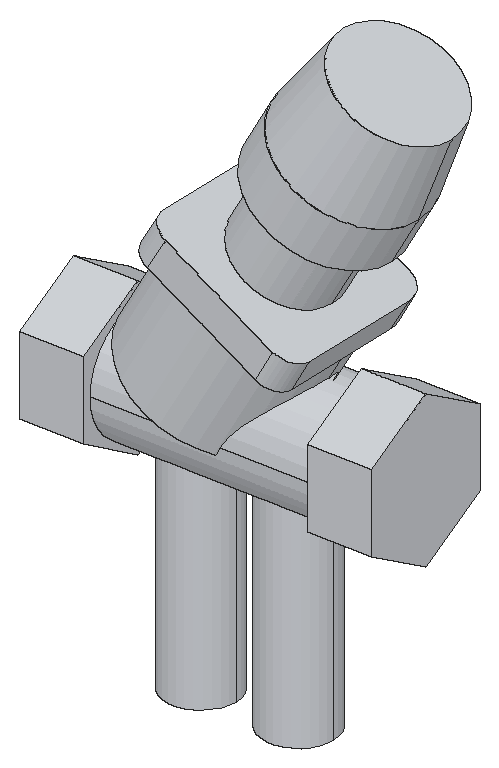
Revit family "OPTIMA_Compact_Plus_FF_DN20_5,0_RFA_2019", category Pipe Accessories, Revit 2019
Family settings
  Round Connector Dimension = Use Diameter
  Part Type = Valve - Breaks Into
  Work Plane-Based = No
  Always vertical = Yes
  Cut with Voids When Loaded = No
  Shared = No
Parameters (values of type "OPTIMA Compact Plus DN20 F-F 5.0mm")
  magiProductId = "3b063aaad6f44e8dbcb4679e4a622e"
  magiProductFamilyId = "01be67634ee84b2d9a1468c78c5465"
  magiPartTypeId = 304
  isMeasuringValve [instance] = no
  ang2D [instance] = 0.00°
  Z = 0 mm
  X = 10 mm
  W2D = 32 mm
  VersionID = "2.0/2018.8.28.1/FRESE_OPTIMA-COMPACT-FF_001"
  Use Minimum Symbol Size [instance] = yes
  URL = "www.hydronic.cz"
  Type Comments = "vnitřní závit; PN25; 0~120°C, s měřením"
  R9 = 8 mm
  R8 = 14 mm
  R7 = 17 mm
  R6 = 12 mm
  R5 = 5 mm
  R4 = 19 mm
  R3 = 19 mm
  R2 = 13.5 mm
  R1 = 17.5 mm
  QmdConnectorList = "301;D;302;D"
  Productdata [instance] = ""
  PLG0 = yes
  Manufacturer = "Hydronic Systems Prague s.r.o."
  MC Product Code = "53-1368  (3/4\" F-F; 5.0mm; Qmin-dpmin 220l/h-16.0kPa; Qmax-dpmin 1330l/h-21.6kPa; dpmax 800kPa)"
  MC Piping Given Pressure Drop [instance] = 0.0 Pa
  LL = 39.5 mm
  L3 = 11 mm
  L2D_Min = 3048 mm
  L2D = 104 mm
  L2 = 50.56 mm
  L1__ve = -L1  # -14.22 mm
  L1 = 14.22 mm
  H6__ve = -H6  # -59.5 mm
  H6 = 59.5 mm
  H5 = 20 mm
  H4 = 12 mm
  H3 = 18 mm
  H2 = 8 mm
  H1 = 26 mm
  Description = "Tlakově nezávislý 2-cestný regulační vyvažovací ventil (PICV)"
  D = 20 mm
  CenSd_R1_6 = R1 * cos(30.00°)  # 15.155 mm
  A = 30.00°
Types (6, lengths in mm): name | magiProductId | Z | X | R4 | R3 | R2 | R1 | MC Product Code | LL | L3 | L2 | L1__ve | L1 | H6__ve | H6 | H3 | H2 | H1 | D | CenSd_R1_6
  OPTIMA Compact Plus DN32 F-F 5.5mm | "df1c00d195034ef0b1ec6dc57a3080" | 1 | 13 | 29 | 31.5 | 22 | 26 | "53-1374  (5/4\" F-F; 5.5mm; Qmin-dpmin 550l/h-17.9kPa; Qmax-dpmin 4001l/h-28.0kPa; dpmax 800kPa)" | 52 | 12.5 | 66.56 | -18.72 | 18.72 | -68 | 68 | 16 | 10 | 46 | 32 | 22.517
  OPTIMA Compact Plus DN15 F-F 2.5mm | "89b348523dca4fefb6c7ae521abddd" | 0 | 7 | 19 | 19 | 12 | 15 | "53-1364  (1/2\" F-F; 2.5mm; Qmin-dpmin 100l/h-14.9kPa; Qmax-dpmin 575l/h-18.5kPa; dpmax 800kPa)" | 37.5 | 11 | 48 | -13.5 | 13.5 | -57 | 57 | 18 | 8 | 26 | 15 | 12.99
  OPTIMA Compact Plus DN15 F-F 5.0mm | "2e6505697e744e01b0ad9c2d669662" | 0 | 7 | 19 | 19 | 12 | 15 | "53-1365  (1/2\" F-F; 5.0mm; Qmin-dpmin 220l/h-16.0kPa; Qmax-dpmin 1330l/h-21.6kPa; dpmax 800kPa)" | 37.5 | 11 | 48 | -13.5 | 13.5 | -57 | 57 | 18 | 8 | 26 | 15 | 12.99
  OPTIMA Compact Plus DN20 F-F 5.0mm | "3b063aaad6f44e8dbcb4679e4a622e" | 0 | 10 | 19 | 19 | 13.5 | 17.5 | "53-1368  (3/4\" F-F; 5.0mm; Qmin-dpmin 220l/h-16.0kPa; Qmax-dpmin 1330l/h-21.6kPa; dpmax 800kPa)" | 39.5 | 11 | 50.56 | -14.22 | 14.22 | -59.5 | 59.5 | 18 | 8 | 26 | 20 | 15.155
  OPTIMA Compact Plus DN20 F-F 5.5mm | "6f2e419bcadf4dd2a9ff6e694a03fa" | 0 | 10 | 19 | 19 | 13.5 | 17.5 | "53-1338  (3/4\" F-F; 5.5mm; Qmin-dpmin 300l/h-17.8kPa; Qmax-dpmin 1800l/h-40.0kPa; dpmax 800kPa)" | 39.5 | 11 | 50.56 | -14.22 | 14.22 | -59.5 | 59.5 | 18 | 8 | 26 | 20 | 15.155
  OPTIMA Compact Plus DN25 F-F 5.5mm | "d9f644dbdce8417aa9c852cd9f0b5f" | 0 | 13 | 29 | 31.5 | 18.5 | 22 | "53-1373  (1\" F-F; 5.5mm; Qmin-dpmin 600l/h-17.3kPa; Qmax-dpmin 3609l/h-23.0kPa; dpmax 800kPa)" | 50 | 12.5 | 64 | -18 | 18 | -64 | 64 | 16 | 10 | 43 | 25 | 19.053
Reference planes
  plane 1 "Center (Front/Back)": y = 0
  plane 2 "XYPLANE": z = 0
  plane 3 "Center (Left/Right)": x = 0
  plane 4 "267": x = 11
  plane 5 "266": x = -11
  plane 6 "252": through (-607.519, 0, 447.746) normal (0.5, 0, 0.866)
  plane 7 "250": through (-617.519, 0, 430.426) normal (0.5, 0, 0.866)
  plane 8 "248": through (-623.519, 0, 420.033) normal (0.5, 0, 0.866)
  plane 9 "245": through (-632.519, 0, 404.445) normal (0.5, 0, 0.866)
  plane 10 "241": through (349.885, 0, 664.019) normal (0.866, 0, -0.5)
  plane 11 "240": through (382.794, 0, 645.019) normal (0.866, 0, -0.5)
  plane 12 "239": y = -19
  plane 13 "238": y = 19
  plane 14 "237": through (-636.519, 0, 397.517) normal (0.5, 0, 0.866)
  plane 15 "235": through (-649.519, 0, 375) normal (0.5, 0, 0.866)
  plane 16 "231": y = 0
  plane 17 "230": through (366.34, 0, 654.519) normal (0.866, 0, -0.5)
  plane 18 "211": x = -25.28
  plane 19 "204": x = 39.5
  plane 20 "203": x = -39.5
  plane 21 "202": x = 0
  plane 22 "201": z = 0
  plane 23 "200": y = 0
  plane 24 "227XY": through (-649.519, 0, 375) normal (0.5, 0, 0.866)
  plane 25 "227XZ": y = 0
  plane 26 "227YZ": through (375, 0, 649.519) normal (0.866, 0, -0.5)
Forms (mm)
  Extrusion 1, solid
    sketch origin (39.5, -750, 0) x (0, 1, 0) y (0, 0, 1)
      loop
        line (750, 17.5) -> (734.845, 8.75) -> (734.845, -8.75) -> (750, -17.5) -> (765.155, -8.75) -> (765.155, 8.75) -> (750, 17.5)
    from 0 to -14.22 <- "L1__ve"
  Extrusion 2, solid
    sketch origin (-39.5, -750, 0) x (0, 1, 0) y (0, 0, 1)
      loop
        line (750, 17.5) -> (734.845, 8.75) -> (734.845, -8.75) -> (750, -17.5) -> (765.155, -8.75) -> (765.155, 8.75) -> (750, 17.5)
    from 0 to 14.22 <- "L1"
  Extrusion 3, solid, visible <- "PLG0"
    sketch origin (-750, 0, 0) x (1, 0, 0) y (0, 1, 0)
      loop
        circle (761, 0) r 8
    from 0 to -59.5 <- "H6__ve"
  Extrusion 4, solid, visible <- "PLG0"
    sketch origin (-750, 0, 0) x (1, 0, 0) y (0, 1, 0)
      loop
        circle (739, 0) r 8
    from 0 to -59.5 <- "H6__ve"
  Blend 5, solid
    base sketch origin (-617.519, 0, 430.426) x (0.866025, 0, -0.5) y (0, 1, 0)
      loop
        circle (740, 0) r 17
    top sketch origin (-617.519, 0, 430.426) x (0.866025, 0, -0.5) y (0, 1, 0)
      loop
        circle (740, 0) r 14
    from 0 to 20
  Extrusion 6, solid
    sketch origin (-623.519, 0, 420.033) x (0.866025, 0, -0.5) y (0, 1, 0)
      loop
        circle (740, 0) r 17
    from 0 to 12 <- "H4"
  Extrusion 7, solid
    sketch origin (-632.519, 0, 404.445) x (0.866025, 0, -0.5) y (0, 1, 0)
      loop
        circle (740, 0) r 12
    from 0 to 18 <- "H3"
  Extrusion 8, solid
    sketch origin (-636.519, 0, 397.517) x (0.866025, 0, -0.5) y (0, 1, 0)
      loop
        arc (726, 19) -> (722.464, 17.536) -> (721, 14) r 5
        line (721, 14) -> (721, -14)
        arc (721, -14) -> (722.464, -17.536) -> (726, -19) r 5
        line (726, -19) -> (754, -19)
        arc (754, -19) -> (757.536, -17.536) -> (759, -14) r 5
        line (759, -14) -> (759, 14)
        arc (759, 14) -> (757.536, 17.536) -> (754, 19) r 5
        line (754, 19) -> (726, 19)
    from 0 to 8 <- "H2"
  Extrusion 9, solid
    sketch origin (-649.519, 0, 375) x (0.866025, 0, -0.5) y (0, 1, 0)
      loop
        circle (740, 0) r 19
    from 0 to 26 <- "H1"
  Extrusion 10, solid
    sketch origin (-25.28, -750, 0) x (0, 1, 0) y (0, 0, 1)
      loop
        circle (750, 0) r 13.5
    from 0 to 50.56 <- "L2"
  Extrusion 11, solid, not visible
    sketch origin (39.5, -750, 0) x (0, 1, 0) y (0, 0, 1)
      loop
        circle (750, 0) r 10
    from 0 to -10
  Extrusion 12, solid, not visible
    sketch origin (-39.5, -750, 0) x (0, 1, 0) y (0, 0, 1)
      loop
        circle (750, 0) r 10
    from 0 to 10
Lines and regions (mm)
  reference lines, not visible
    curve 1: circle (2, 2, 0) r 1 normal (0, 0, 1)
  reference lines
    curve 2: line (39.5, 0, 0) -> (39.5, -11.258, -6.5)
    curve 3: line (39.5, 0, 0) -> (39.5, 0, -13)
    curve 4: line (39.5, 0, 0) -> (39.5, 11.258, -6.5)
    curve 5: line (-39.5, 0, 0) -> (-39.5, 11.258, -6.5)
    curve 6: line (-39.5, 0, 0) -> (-39.5, 0, -13)
    curve 7: line (-39.5, 0, 0) -> (-39.5, -11.258, -6.5)
Dimensions and locks
  plane 1 "Center (Front/Back)" to curve 1 = 2 mm
  "L3": plane 3 "Center (Left/Right)" to plane 4 "267"
  "L3": plane 3 "Center (Left/Right)" to plane 5 "266"
  "H5": plane 7 "250" to plane 6 "252"
  "H4": plane 8 "248" to plane 7 "250"
  "H3": plane 9 "245" to plane 8 "248"
  "H2": plane 14 "237" to plane 9 "245"
  "R4": plane 17 "230" to plane 10 "241"
  "R4": plane 17 "230" to plane 11 "240"
  "R4": plane 23 "200" to plane 12 "239"
  "R4": plane 23 "200" to plane 13 "238"
  "H1": plane 15 "235" to plane 14 "237"
  "Z": plane 24 "227XY" to plane 15 "235"
  locked: plane 23 "200" to plane 16 "231"
  "X": plane 26 "227YZ" to plane 17 "230"
  "L1": plane 20 "203" to plane 18 "211"
  "LL": plane 3 "Center (Left/Right)" to plane 19 "204"
  "LL": plane 3 "Center (Left/Right)" to plane 20 "203"
  locked: plane 3 "Center (Left/Right)" to plane 21 "202"
  locked: plane 2 "XYPLANE" to plane 22 "201"
  locked: plane 1 "Center (Front/Back)" to plane 23 "200"
  "CenSd_R1_6": curve 2 to Extrusion 1 sketch curve  (x2)
  "CenSd_R1_6": curve 3 to Extrusion 1 sketch curve  (x2)
  "CenSd_R1_6": curve 4 to Extrusion 1 sketch curve  (x2)
  Extrusion 1 sketch curve to Extrusion 1 sketch curve = 0 mm  (x12)
  "CenSd_R1_6": curve 5 to Extrusion 2 sketch curve  (x2)
  "CenSd_R1_6": curve 6 to Extrusion 2 sketch curve  (x2)
  "CenSd_R1_6": curve 7 to Extrusion 2 sketch curve  (x2)
  Extrusion 2 sketch curve to Extrusion 2 sketch curve = 0 mm  (x12)
  Extrusion 8 sketch curve to Extrusion 8 sketch curve = 0 mm  (x16)
  "R9": radius of Extrusion 3 sketch curve
  "R9": radius of Extrusion 4 sketch curve
  "R8": radius of Blend 5 sketch curve
  "R7": radius of Blend 5 sketch curve
  "R7": radius of Extrusion 6 sketch curve
  "R6": radius of Extrusion 7 sketch curve
  "R5": radius of Extrusion 8 sketch curve  (x4)
  "R3": radius of Extrusion 9 sketch curve
  "R2": radius of Extrusion 10 sketch curve
  locked: curve 3 to curve 2 (angle 60.00°)
  locked: curve 4 to curve 3 (angle 60.00°)
  locked: curve 4 to curve 2 (angle 120.00°)
  locked: curve 6 to curve 5 (angle 60.00°)
  locked: curve 7 to curve 6 (angle 60.00°)
  locked: curve 7 to curve 5 (angle 120.00°)
  aligned and locked: level to plane 2 "XYPLANE"
  aligned and locked: plane 22 "201" to curve 4
  aligned and locked: curve 4 to plane 23 "200"
  aligned and locked: plane 22 "201" to curve 7
  aligned and locked: curve 7 to plane 23 "200"
  aligned and locked: plane 4 "267" to Extrusion 3 sketch curve
  aligned and locked: plane 23 "200" to Extrusion 3 sketch curve
  aligned and locked: plane 5 "266" to Extrusion 4 sketch curve
  aligned and locked: plane 23 "200" to Extrusion 4 sketch curve
  aligned and locked: plane 16 "231" to Blend 5 sketch curve  (x2)
  aligned and locked: Blend 5 sketch curve to plane 17 "230"  (x2)
  aligned and locked: plane 6 "252" to Blend 5
  aligned and locked: plane 16 "231" to Extrusion 6 sketch curve
  aligned and locked: Extrusion 6 sketch curve to plane 17 "230"
  aligned and locked: plane 16 "231" to Extrusion 7 sketch curve
  aligned and locked: Extrusion 7 sketch curve to plane 17 "230"
  aligned and locked: Extrusion 8 sketch curve to plane 10 "241"
  aligned and locked: Extrusion 8 sketch curve to plane 12 "239"
  aligned and locked: Extrusion 8 sketch curve to plane 11 "240"
  aligned and locked: plane 13 "238" to Extrusion 8 sketch curve
  aligned and locked: plane 16 "231" to Extrusion 9 sketch curve
  aligned and locked: Extrusion 9 sketch curve to plane 17 "230"
  aligned and locked: plane 22 "201" to Extrusion 10 sketch curve
  aligned and locked: Extrusion 10 sketch curve to plane 23 "200"
  aligned and locked: plane 22 "201" to Extrusion 11 sketch curve
  aligned and locked: Extrusion 11 sketch curve to plane 23 "200"
  aligned and locked: plane 22 "201" to Extrusion 12 sketch curve
  aligned and locked: Extrusion 12 sketch curve to plane 23 "200"
Automatic sketch dimensions
  plane 1 "Center (Front/Back)" to Extrusion 11 sketch curve = 10 mm
  plane 1 "Center (Front/Back)" to Extrusion 12 sketch curve = 10 mm
  plane 3 "Center (Left/Right)" to curve 1 = 2 mm
  radius of curve 1 = 1 mm
Connectors
  piping at (-39.5, 0, 0), diameter 20, driven by "D"
    settings: on Extrusion 12, index 1, connector inside diameter 609.6 mm, connector length 0 mm, flow factor 0, pipe flow 0.0 L/s, pressure drop 0.0 Pa, fitting loss kfactor 0, connector angle 0.00°, fixture units 0, engagement length 0 mm, angle of deflection 0.00°, flow configuration 0, flow direction 0, fitting loss method 0, system type 29, joint type 0, gender type 0, connector reference index 2, connector utility 0, adjustable connector no, is connector primary yes, connector description ""
  piping at (39.5, 0, 0), diameter 20, driven by "D"
    settings: on Extrusion 11, index 2, connector inside diameter 609.6 mm, connector length 0 mm, flow factor 0, pipe flow 0.0 L/s, pressure drop 0.0 Pa, fitting loss kfactor 0, connector angle 0.00°, fixture units 0, engagement length 0 mm, angle of deflection 0.00°, flow configuration 0, flow direction 0, fitting loss method 0, system type 29, joint type 0, gender type 0, connector reference index 1, connector utility 0, adjustable connector no, is connector primary no, connector description ""
